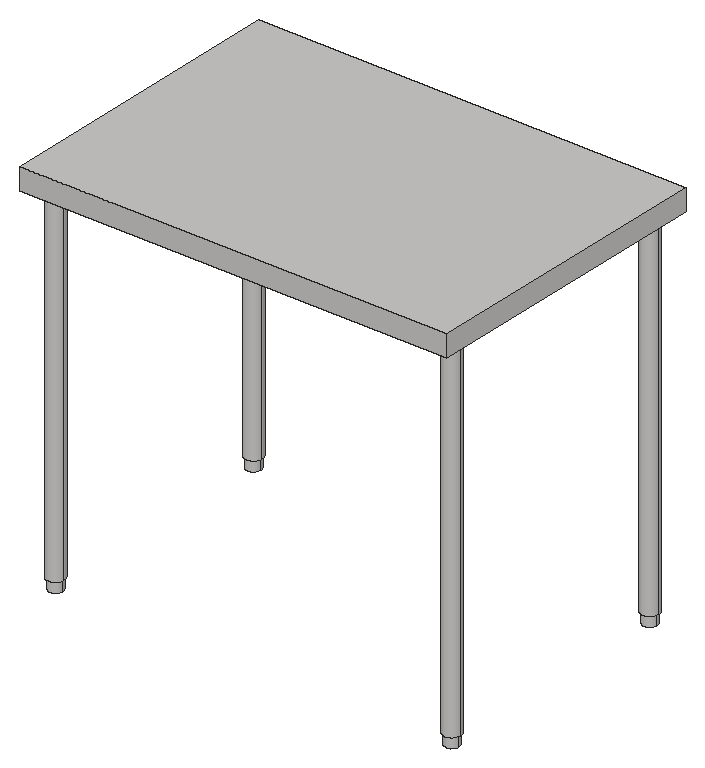
Revit family "QF_ZANUSSI_133048_TG1000EN", category Attrezzature speciali, Revit 2020
Family settings
  Quota connettore circolare = Usa diametro
  Tipo di parte = Normale
  Basato su piano di lavoro = No
  Sempre verticale = Sì
  Taglio con vuoti quando caricato = No
  Condiviso = No
  Punto di calcolo locali = No
Parameters (values of type "Standard")
  Weight = 35.00 kg
  Watts = 0 W
  Volts = 0 V
  URL Manufacturer = "http://www.zanussiprofessional.com"
  URL = "http://www.zanussiprofessional.com"
  Steam Supply Size = 0 mm
  Steam Supply Minimum Pressure = 0.0 Pa
  Steam Supply Maximum Pressure = 0.0 Pa
  Steam Consumption per Hour = 0
  Refrigeration Suction Line Size = 0.0 mm
  Refrigeration Liquid Line Size = 0.0 mm
  Refrigerant Compressor Remote = yes
  Prospetto di default = 0.0 mm
  Produttore = "Zanussi"
  Phase = 0
  Modello = "TG1000EN"
  Length Actual = 1000.0 mm  # constant formula
  Item Number = "133048"
  Hot Water Size = 0 mm
  Height Actual = 900.0 mm  # constant formula
  HP = "0 HP"
  Gas Size = 0 mm
  Gas KW = 0
  Gas Input Pressure = 0 W
  Direct Waste Size = 0 mm
  Descrizione = "WORK TABLE 1000 MM"
  Depth Actual = 700.0 mm  # constant formula
  Cycle = 0 Hz
  Condensate Return Size = 0 mm
  Compressed Air Volume = 0.0 L/s
  Compressed Air Size = 0 mm
  Compressed Air Pressure = 0.0 Pa
  Cold Water Size = 0 mm
  Accessory = yes
Reference planes
  plane 1 "Center (Front/Back)": y = 0
  plane 2: z = 0
  plane 3 "Center (Left/Right)": x = 0
  plane 4 "LEFT": x = -500
  plane 5 "RIGHT": x = 500
  plane 6 "BACK": y = 350
  plane 7 "FRONT": y = -350
  plane 8 "Base": z = 850
  plane 9 "TOP": z = 900
  plane 10: x = -464.5
  plane 11: x = 464.5
  plane 12: y = 290
  plane 13: y = -290
Forms (mm)
  Extrusion 1, solid, material "QF_Finishes_Stainless Steel"
    sketch origin (0, 0, 0) x (0, 1, 0) y (0, 0, 1)
      loop
        line (-350, 850) -> (350, 850) -> (350, 900) -> (-350, 900) -> (-350, 850)
    from 500 to -500
Lines and regions (mm)
  symbolic lines
    curve 1: line (500, 350, 900) -> (-500, 350, 900)
    curve 2: line (-500, 350, 900) -> (-500, -350, 900)
    curve 3: line (-500, -350, 900) -> (500, -350, 900)
    curve 4: line (500, -350, 900) -> (500, 350, 900)
Dimensions and locks
  plane 4 "LEFT" to plane 5 "RIGHT" = 1000.0 mm
  equal spacing: plane 4 "LEFT", plane 3 "Center (Left/Right)", plane 5 "RIGHT"
  locked: plane 8 "Base" to level at 850
  plane 4 "LEFT" to plane 10 = 35.5 mm
  plane 11 to plane 5 "RIGHT" = 35.5 mm
  plane 10 to plane 11 = 929.0 mm
  locked: plane 9 "TOP" to level at 900
  plane 6 "BACK" to plane 12 = 60.0 mm
  plane 13 to plane 7 "FRONT" = 60.0 mm
  plane 6 "BACK" to plane 7 "FRONT" = 700.0 mm
  plane 12 to plane 13 = 580.0 mm
  equal spacing: plane 6 "BACK", plane 1 "Center (Front/Back)", plane 7 "FRONT"
  aligned and locked: level to plane 2
  aligned and locked: plane 10 to nested 1
  aligned and locked: nested 1 to plane 13
  aligned and locked: plane 11 to nested 2
  aligned and locked: nested 2 to plane 13
  aligned and locked: plane 11 to nested 4
  aligned and locked: nested 4 to plane 12
  aligned and locked: plane 10 to nested 3
  aligned and locked: nested 3 to plane 12
  aligned and locked: Extrusion 1 to plane 4 "LEFT"
  aligned and locked: plane 5 "RIGHT" to Extrusion 1
  aligned and locked: curve 2 to plane 4 "LEFT"
Automatic sketch dimensions
  Extrusion 1 sketch curve to plane 7 "FRONT" = 0.0 mm
  Extrusion 1 sketch curve to plane 8 "Base" = 0.0 mm
  curve 3 to plane 7 "FRONT" = 0.0 mm
  curve 4 to plane 6 "BACK" = 0.0 mm
  Extrusion 1 sketch curve to plane 9 "TOP" = 0.0 mm
  Extrusion 1 sketch curve to plane 6 "BACK" = 0.0 mm
  curve 4 to plane 5 "RIGHT" = 0.0 mm
Nested families
  nested 1: "FEET_D40" at (-464.5, -290, 0), type "FEET_D40"
  nested 2: "FEET_D40" at (464.5, -290, 0), type "FEET_D40"
  nested 3: "FEET_D40" at (-464.5, 290, 0), type "FEET_D40"
  nested 4: "FEET_D40" at (464.5, 290, 0), type "FEET_D40"
Definition of nested family "FEET_D40"
  Parameters
    Default Elevation = 0.0 mm
    FEET = 850.0 mm
  Reference planes
    plane 1 "Center (Front/Back)": y = 0
    plane 2: z = 0
    plane 3 "Center (Left/Right)": x = 0
    plane 4: z = 850
  Forms (mm)
    Extrusion 1, solid
      sketch origin (0, 0, 0) x (1, 0, 0) y (0, 1, 0)
        loop
          circle (0, 0.002) r 20
      from 25 to 845
    Extrusion 2, solid
      sketch origin (0, 0, 0) x (1, 0, 0) y (0, 1, 0)
        loop
          circle (0, 0) r 16
      from 0 to 25
    Extrusion 3, solid
      sketch origin (0, 0, 0) x (1, 0, 0) y (0, 1, 0)
        loop
          circle (0, 0.002) r 30
      from 845 to 850
  Lines and regions (mm)
    symbolic lines
      curve 1: line (0, -1.503, 0) -> (0, 1.508, 0)
      curve 2: line (1.561, 0, 0) -> (-1.439, 0, 0)
  Dimensions and locks
    "FEET": plane 4 to plane 2
    aligned and locked: level to plane 2
  Automatic sketch dimensions
    plane 1 "Center (Front/Back)" to Extrusion 2 sketch curve = 0.0 mm
    Extrusion 2 sketch curve to plane 3 "Center (Left/Right)" = 0.0 mm
    plane 1 "Center (Front/Back)" to curve 2 = 0.0 mm
    curve 1 to plane 3 "Center (Left/Right)" = 0.0 mm
    curve 2 to plane 3 "Center (Left/Right)" = 1.439 mm
    plane 3 "Center (Left/Right)" to curve 2 = 1.561 mm
    plane 1 "Center (Front/Back)" to curve 1 = 1.503 mm
    curve 1 to plane 1 "Center (Front/Back)" = 1.508 mm
    Extrusion 1 sketch curve to plane 3 "Center (Left/Right)" = 0.0 mm
    Extrusion 1 sketch curve to plane 1 "Center (Front/Back)" = 0.002 mm
    Extrusion 3 sketch curve to plane 3 "Center (Left/Right)" = 0.0 mm
    Extrusion 3 sketch curve to plane 1 "Center (Front/Back)" = 0.002 mm
    radius of Extrusion 2 sketch curve = 16.0 mm
    radius of Extrusion 1 sketch curve = 20.0 mm
    radius of Extrusion 3 sketch curve = 30.0 mm
